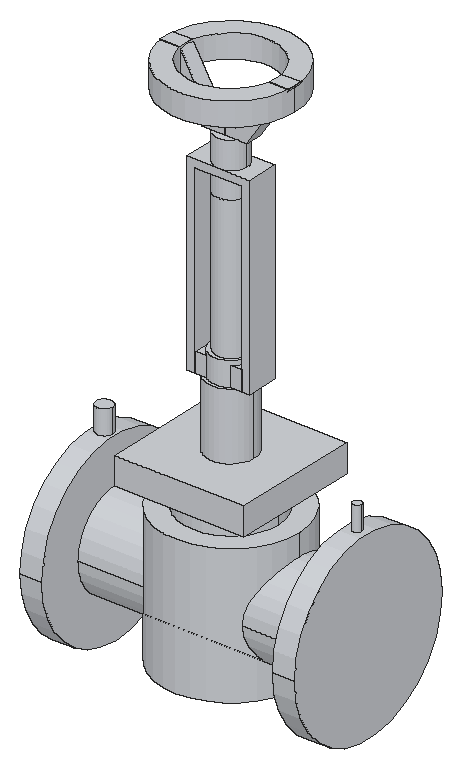
Revit family "Sigma_Compact_DN100-HF_PN16_RFA_2019", category Pipe Accessories, Revit 2019
Family settings
  Round Connector Dimension = Use Diameter
  Part Type = Valve - Breaks Into
  Work Plane-Based = No
  Always vertical = Yes
  Cut with Voids When Loaded = No
  Shared = No
Parameters (values of type "Sigma Compact DN 100 HF PN16")
  magiProductId = "cbc2fc0a341c4a2b87b0bcbf79c376"
  magiProductFamilyId = "01495da7eb234de3883c6bc9c8853e"
  magiPartTypeId = 304
  isMeasuringValve [instance] = no
  ang2D [instance] = 0.00°
  W2D = 50 mm
  VersionID = "2.0/2018.12.13.2/FRESE_SIGMA_C_BIG_Q13_001"
  Use Minimum Symbol Size [instance] = no
  URL = "www.hydronix.cz"
  Type Comments = "přírubový; PN16; max dp=800kPa; 0~+120°C; max uzavírací tlak 1MPa"
  R4 = 61.25 mm
  R3 = 61.1 mm
  R1 = 87.5 mm
  QmdConnectorList = "301;D;302;D"
  Productdata [instance] = ""
  Manufacturer = "Hydronix"
  Maintenance Zone Under Depth [instance] = 100 mm
  Maintenance Zone Right Depth [instance] = 100 mm
  Maintenance Zone Over Depth [instance] = 100 mm
  Maintenance Zone Left Depth [instance] = 100 mm
  Maintenance Zone Front Depth [instance] = 100 mm
  Maintenance Zone Back Depth [instance] = 100 mm
  Maintenance Zone Front Visibility [instance] = no
  MC Use Limits From Balancing Method = no
  MC Throttling Minimum Value = 0
  MC Throttling Maximum Value = 0
  MC Product Code = "53-2413 DN100; PN16; (14800-90000 l/h); kvs=104"
  MC Pressure Drop Minimum Value = 0.0 Pa
  MC Pressure Drop Maximum Value = 0.0 Pa
  MC Piping Given Pressure Drop [instance] = 0.0 Pa
  LF__ve = -LF  # -28 mm
  LF2 = 14 mm
  LF = 28 mm
  L432 = 28.788 mm
  L43 = 57.575 mm
  L42 = 82.25 mm
  L4 = 164.5 mm
  L3 = 294 mm
  L2D_Min = 30.48 mm
  L2D = 230 mm
  L2 = 175 mm
  HH12 = 34 mm
  HH1 = 68 mm
  HDF__ve = -HDF  # -331 mm
  HDF = 331 mm
  H6 = 85 mm
  H4 = 35.25 mm
  H3 = 29.375 mm
  H2 = 88.125 mm
  H11 = 176.25 mm
  H1 = 714 mm
  H = 566 mm
  Description = "Automatický vyvažovací ventil"
  DF2 = 117.5 mm
  D = 100 mm
  Clearance Zone Height Depth [instance] = 100 mm
  Clearance Zone Circular Radius [instance] = 175 mm
  Clearance Zone Visibility [instance] = no
  CAT0 = yes
Types (9, lengths in mm): name | magiProductId | Type Comments | R4 | R3 | R1 | MC Product Code | LF__ve | LF2 | LF | L432 | L43 | L42 | L4 | L3 | L2 | HH12 | HH1 | HDF__ve | HDF | H4 | H3 | H2 | H11 | H1 | H | DF2 | D | Clearance Zone Circular Radius
  Sigma Compact DN 050 HF PN16 | "68e8ec0e285d475ea5c3f8787337ca" | "přírubový; PN16; max dp=800kPa; 0~+120°C; max uzavírací tlak 1MPa" | 40.25 | 42.9 | 57.5 | "53-2410 DN50; PN16; (3920-24000 l/h); kvs=34" | -18.4 | 9.2 | 18.4 | 18.917 | 37.835 | 54.05 | 108.1 | 193.2 | 115 | 16.5 | 33 | -202 | 202 | 24.75 | 20.625 | 61.875 | 123.75 | 480 | 367 | 82.5 | 50 | 115
  Sigma Compact DN 065 HF PN16 | "93d22af618bf47d6be13ef3bd41a97" | "přírubový; PN16; max dp=800kPa; 0~+120°C; max uzavírací tlak 1MPa" | 50.75 | 48.1 | 72.5 | "53-2411 DN65; PN16; (5950-35000 l/h); kvs=47" | -23.2 | 11.6 | 23.2 | 23.853 | 47.705 | 68.15 | 136.3 | 243.6 | 145 | 16.5 | 33 | -199 | 199 | 27.75 | 23.125 | 69.375 | 138.75 | 497 | 384 | 92.5 | 65 | 145
  Sigma Compact DN 080 HF PN16 | "30d16928369c437789493110503824" | "přírubový; PN16; max dp=800kPa; 0~+120°C; max uzavírací tlak 1MPa" | 54.25 | 52 | 77.5 | "53-2412 DN80; PN16; (7020-43000 l/h); kvs=61" | -24.8 | 12.4 | 24.8 | 25.497 | 50.995 | 72.85 | 145.7 | 260.4 | 155 | 16.5 | 33 | -213 | 213 | 30 | 25 | 75 | 150 | 526 | 413 | 100 | 80 | 155
  Sigma Compact DN 100 HF PN16 | "cbc2fc0a341c4a2b87b0bcbf79c376" | "přírubový; PN16; max dp=800kPa; 0~+120°C; max uzavírací tlak 1MPa" | 61.25 | 61.1 | 87.5 | "53-2413 DN100; PN16; (14800-90000 l/h); kvs=104" | -28 | 14 | 28 | 28.788 | 57.575 | 82.25 | 164.5 | 294 | 175 | 34 | 68 | -331 | 331 | 35.25 | 29.375 | 88.125 | 176.25 | 714 | 566 | 117.5 | 100 | 175
  Sigma Compact DN 125 HF PN16 | "02452206f7594718b3d97e4e693144" | "přírubový; PN16; max dp=800kPa; 0~+120°C; max uzavírací tlak 1MPa" | 70 | 70.2 | 100 | "53-2414 DN125; PN16; (23000-135000 l/h); kvs=185" | -32 | 16 | 32 | 32.9 | 65.8 | 94 | 188 | 336 | 200 | 36.5 | 73 | -338 | 338 | 40.5 | 33.75 | 101.25 | 202.5 | 761 | 608 | 135 | 125 | 200
  Sigma Compact DN 150 HF PN16 | "2e5d0064e2dd45fa818d7fb779c9a5" | "přírubový; PN16; max dp=800kPa; 0~+110°C; max uzavírací tlak 1MPa" | 84 | 74.1 | 120 | "53-2415 DN150; PN16; (32000-195000 l/h); kvs=242" | -38.4 | 19.2 | 38.4 | 39.48 | 78.96 | 112.8 | 225.6 | 403.2 | 240 | 13 | 26 | -391 | 391 | 42.75 | 35.625 | 106.875 | 213.75 | 782 | 676 | 142.5 | 150 | 240
  Sigma Compact DN 200 HF PN16 | "9690c155034b41f3a54554dedb5edf" | "přírubový; PN16; max dp=800kPa; 0~+110°C; max uzavírací tlak 1MPa" | 105 | 98.8 | 150 | "53-2416 DN200; PN16; (130000-280000 l/h); kvs=317" | -48 | 24 | 48 | 49.35 | 98.7 | 141 | 282 | 504 | 300 | 29.5 | 59 | -334 | 334 | 57 | 47.5 | 142.5 | 285 | 853 | 714 | 190 | 200 | 300
  Sigma Compact DN 250 HF PN16 | "baee3668eb0d4f168225ec1ed946f7" | "přírubový; PN16; max dp=800kPa; 0~+110°C; max uzavírací tlak 1MPa" | 127.75 | 115.44 | 182.5 | "53-2417 DN250; PN16; (245000-600000 l/h); kvs=717" | -58.4 | 29.2 | 58.4 | 60.042 | 120.085 | 171.55 | 343.1 | 613.2 | 365 | 29 | 58 | -462 | 462 | 66.6 | 55.5 | 166.5 | 333 | 1044 | 906 | 222 | 250 | 365
  Sigma Compact DN 300 HF PN16 | "f903017b03a74a7ebca8b59c0516bf" | "přírubový; PN16; max dp=800kPa; 0~+110°C; max uzavírací tlak 1MPa" | 148.75 | 135.2 | 212.5 | "53-2418 DN300; PN16; (245000-600000 l/h); kvs=717" | -68 | 34 | 68 | 69.912 | 139.825 | 199.75 | 399.5 | 714 | 425 | 29 | 58 | -424 | 424 | 78 | 65 | 195 | 390 | 1082 | 944 | 260 | 300 | 425
Reference planes
  plane 1 "Center (Front/Back)": y = 0
  plane 2 "XYPLANE": z = 0
  plane 3 "Center (Left/Right)": x = 0
  plane 4 "298": y = -217.5
  plane 5 "297": y = 217.5
  plane 6 "296": y = -117.5
  plane 7 "295": y = 117.5
  plane 8 "294": z = -217.5
  plane 9 "293": z = 696.5
  plane 10 "292": x = -275
  plane 11 "291": x = 275
  plane 12 "290": z = 696.5
  plane 13 "256": y = -20
  plane 14 "254": z = 472.5
  plane 15 "253": z = 482.5
  plane 16 "252": x = -40
  plane 17 "251": x = -30
  plane 18 "250": x = 40
  plane 19 "249": x = 30
  plane 20 "247": z = 237.75
  plane 21 "244": z = 448.5
  plane 22 "243": x = 82.25
  plane 23 "242": x = 57.575
  plane 24 "241": x = 28.788
  plane 25 "240": y = -10
  plane 26 "238": x = -28.788
  plane 27 "237": x = -57.575
  plane 28 "236": z = 516.5
  plane 29 "235": z = 546.5
  plane 30 "234": x = -82.25
  plane 31 "225": z = 596.5
  plane 32 "224": z = -117.5
  plane 33 "157": x = 161
  plane 34 "156": x = -161
  plane 35 "155": z = 117.5
  plane 36 "154": z = 152.75
  plane 37 "153": z = 117.5
  plane 38 "152": z = 88.125
  plane 39 "151": x = -147
  plane 40 "150": z = -88.125
  plane 41 "149": x = 0
  plane 42 "148": y = 0
  plane 43 "147": z = 0
  plane 44 "146": x = -175
  plane 45 "145": x = 175
Forms (mm)
  Blend 1, solid, visible <- "Maintenance Zone Front Visibility"
    base sketch origin (-750, 0, 696.5) x (1, 0, 0) y (0, 1, 0)
      loop
        line (475, 217.5) -> (475, -217.5) -> (1025, -217.5) -> (1025, 217.5) -> (475, 217.5)
    top sketch origin (-750, 0, 696.5) x (1, 0, 0) y (0, 1, 0)
      loop
        line (475, 217.5) -> (475, -217.5) -> (1025, -217.5) -> (1025, 217.5) -> (475, 217.5)
    from 0 to -914
  Blend 2, solid, visible <- "Clearance Zone Visibility"
    base sketch origin (-750, 0, 0) x (1, 0, 0) y (0, 1, 0)
      loop
        circle (750, 0) r 175
    top sketch origin (-750, 0, 0) x (1, 0, 0) y (0, 1, 0)
      loop
        circle (750, 0) r 175
    from 0 to 696.5
  Extrusion 3, solid
    sketch origin (-750, 0, 448.5) x (1, 0, 0) y (0, 1, 0)
      loop
        circle (750, 0) r 19.87
    from 0 to -331 <- "HDF__ve"
  Extrusion 4, solid
    sketch origin (-750, 0, 237.75) x (1, 0, 0) y (0, 1, 0)
      loop
        line (780, 20) -> (720, 20) -> (720, -20) -> (780, -20) -> (780, 20)
    from 0 to 25
  Extrusion 5, solid
    sketch origin (750, -20, 0) x (-1, 0, 0) y (0, 0, 1)
      loop
        line (790, 237.75) -> (790, 482.5) -> (710, 482.5) -> (710, 237.75) -> (720, 237.75) -> (720, 472.5) -> (780, 472.5) -> (780, 237.75) -> (790, 237.75)
    from 0 to 40
  Extrusion 6, solid
    sketch origin (-750, 0, 237.75) x (1, 0, 0) y (0, 1, 0)
      loop
        circle (750, 0) r 25
    from 0 to 30
  Extrusion 7, solid
    sketch origin (750, -10, 0) x (-1, 0, 0) y (0, 0, 1)
      loop
        line (807.575, 596.5) -> (778.788, 546.5) -> (750, 546.5) -> (750, 516.5) -> (778.788, 516.5) -> (832.25, 596.5) -> (807.575, 596.5)
    from 0 to 20
  Extrusion 8, solid
    sketch origin (750, -10, 0) x (-1, 0, 0) y (0, 0, 1)
      loop
        line (692.425, 596.5) -> (667.75, 596.5) -> (721.212, 516.5) -> (750, 516.5) -> (750, 546.5) -> (721.212, 546.5) -> (692.425, 596.5)
    from 0 to 20
  Extrusion 9, solid
    sketch origin (-750, 0, 448.5) x (1, 0, 0) y (0, 1, 0)
      loop
        circle (750, 0) r 19.87
    from 0 to 68 <- "HH1"
  Extrusion 10, solid
    sketch origin (-750, 0, 596.5) x (1, 0, 0) y (0, 1, 0)
      loop
        circle (750, 0) r 82.25
      loop
        circle (750, 0) r 57.575
    from 0 to -30
  Extrusion 11, solid, visible <- "CAT0"
    sketch origin (-750, 0, 117.5) x (1, 0, 0) y (0, 1, 0)
      loop
        circle (911, 0) r 5.5
    from 0 to 30
  Extrusion 12, solid, visible <- "CAT0"
    sketch origin (-750, 0, 117.5) x (1, 0, 0) y (0, 1, 0)
      loop
        circle (589, 0) r 10.3
    from 0 to 30
  Extrusion 13, solid, visible <- "CAT0"
    sketch origin (-750, 0, 152.75) x (1, 0, 0) y (0, 1, 0)
      loop
        circle (750, 0) r 29.87
    from 0 to 85 <- "H6"
  Extrusion 14, solid, visible <- "CAT0"
    sketch origin (-750, 0, 117.5) x (1, 0, 0) y (0, 1, 0)
      loop
        line (832.25, 82.25) -> (667.75, 82.25) -> (667.75, -82.25) -> (832.25, -82.25) -> (832.25, 82.25)
    from 0 to 35.25 <- "H4"
  Extrusion 15, solid, visible <- "CAT0"
    sketch origin (-750, 0, 88.125) x (1, 0, 0) y (0, 1, 0)
      loop
        circle (750, 0) r 61.25
    from 0 to 29.375 <- "H3"
  Extrusion 16, solid, visible <- "CAT0"
    sketch origin (-147, -750, 0) x (0, 1, 0) y (0, 0, 1)
      loop
        circle (750, 0) r 61.1
    from 0 to 294 <- "L3"
  Extrusion 17, solid, visible <- "CAT0"
    sketch origin (-750, 0, -88.125) x (1, 0, 0) y (0, 1, 0)
      loop
        circle (750, 0) r 87.5
    from 0 to 176.25 <- "H11"
  Extrusion 18, solid, visible <- "CAT0"
    sketch origin (-175, -750, 0) x (0, 1, 0) y (0, 0, 1)
      loop
        circle (750, 0) r 117.5
    from 0 to 28 <- "LF"
  Extrusion 19, solid, visible <- "CAT0"
    sketch origin (175, -750, 0) x (0, 1, 0) y (0, 0, 1)
      loop
        circle (750, 0) r 117.5
    from 0 to -28 <- "LF__ve"
  Extrusion 20, solid, not visible
    sketch origin (-175, -750, 0) x (0, 1, 0) y (0, 0, 1)
      loop
        circle (750, 0) r 10
    from 0 to 10
  Extrusion 21, solid, not visible
    sketch origin (175, -750, 0) x (0, 1, 0) y (0, 0, 1)
      loop
        circle (750, 0) r 10
    from 0 to -10
Lines and regions (mm)
  reference lines, not visible
    curve 1: circle (2, 2, 0) r 1 normal (0, 0, 1)
  reference lines
    curve 2: circle (0, 0, 117.5) r 1 normal (0, 0, 1)
Dimensions and locks
  plane 1 "Center (Front/Back)" to curve 1 = 2 mm
  "Maintenance Zone Front Depth": plane 6 "296" to plane 4 "298"
  "Maintenance Zone Back Depth": plane 7 "295" to plane 5 "297"
  "DF2": plane 42 "148" to plane 6 "296"
  "DF2": plane 42 "148" to plane 7 "295"
  "Maintenance Zone Under Depth": plane 32 "224" to plane 8 "294"
  "Maintenance Zone Over Depth": plane 31 "225" to plane 9 "293"
  "Maintenance Zone Left Depth": plane 44 "146" to plane 10 "292"
  "Maintenance Zone Right Depth": plane 45 "145" to plane 11 "291"
  "Clearance Zone Height Depth": plane 31 "225" to plane 12 "290"
  locked: plane 25 "240" to plane 13 "256" at 10
  locked: plane 15 "253" to plane 14 "254" at 10
  "HH12": plane 21 "244" to plane 15 "253"
  locked: plane 17 "251" to plane 16 "252" at 10
  locked: plane 41 "149" to plane 17 "251" at 30
  locked: plane 19 "249" to plane 18 "250" at 10
  locked: plane 41 "149" to plane 19 "249" at 30
  "H6": plane 36 "154" to plane 20 "247"
  "H": plane 32 "224" to plane 21 "244"
  "L42": plane 41 "149" to plane 22 "243"
  "L43": plane 41 "149" to plane 23 "242"
  "L432": plane 41 "149" to plane 24 "241"
  locked: plane 42 "148" to plane 25 "240" at 10
  "L432": plane 41 "149" to plane 26 "238"
  "L43": plane 41 "149" to plane 27 "237"
  locked: plane 29 "235" to plane 28 "236" at 30
  locked: plane 31 "225" to plane 29 "235" at 50
  "L42": plane 41 "149" to plane 30 "234"
  "H1": plane 32 "224" to plane 31 "225"
  "DF2": plane 2 "XYPLANE" to plane 32 "224"
  "LF2": plane 45 "145" to plane 33 "157"
  "LF2": plane 44 "146" to plane 34 "156"
  "DF2": plane 2 "XYPLANE" to plane 35 "155"
  "H4": plane 37 "153" to plane 36 "154"
  "H3": plane 38 "152" to plane 37 "153"
  "H11": plane 40 "150" to plane 38 "152"
  "LF": plane 44 "146" to plane 39 "151"
  "H2": plane 2 "XYPLANE" to plane 40 "150"
  locked: plane 3 "Center (Left/Right)" to plane 41 "149"
  locked: plane 1 "Center (Front/Back)" to plane 42 "148"
  locked: plane 2 "XYPLANE" to plane 43 "147"
  "L2": plane 3 "Center (Left/Right)" to plane 44 "146"
  "L2": plane 3 "Center (Left/Right)" to plane 45 "145"
  Blend 1 sketch curve to Blend 1 sketch curve = 0 mm  (x16)
  Extrusion 4 sketch curve to Extrusion 4 sketch curve = 0 mm  (x8)
  Extrusion 5 sketch curve to Extrusion 5 sketch curve = 0 mm  (x16)
  Extrusion 7 sketch curve to Extrusion 7 sketch curve = 0 mm  (x12)
  Extrusion 8 sketch curve to Extrusion 8 sketch curve = 0 mm  (x12)
  equal spacing: Extrusion 14 sketch curve, curve 2, Extrusion 14 sketch curve  (x2)
  "L4": Extrusion 14 sketch curve to Extrusion 14 sketch curve  (x2)
  Extrusion 14 sketch curve to Extrusion 14 sketch curve = 0 mm  (x8)
  "Clearance Zone Circular Radius": radius of Blend 2 sketch curve  (x2)
  "L42": radius of Extrusion 10 sketch curve
  "L43": radius of Extrusion 10 sketch curve
  "R4": radius of Extrusion 15 sketch curve
  "R3": radius of Extrusion 16 sketch curve
  "R1": radius of Extrusion 17 sketch curve
  "DF2": radius of Extrusion 18 sketch curve
  "DF2": radius of Extrusion 19 sketch curve
  aligned and locked: level to plane 2 "XYPLANE"
  aligned and locked: Blend 1 sketch curve to plane 5 "297"  (x2)
  aligned and locked: plane 10 "292" to Blend 1 sketch curve  (x4)
  aligned and locked: plane 11 "291" to Blend 1 sketch curve  (x4)
  aligned and locked: plane 5 "297" to Blend 1 sketch curve  (x2)
  aligned and locked: plane 4 "298" to Blend 1 sketch curve  (x4)
  aligned and locked: Blend 1 to plane 8 "294"
  aligned and locked: plane 41 "149" to Blend 2 sketch curve  (x2)
  aligned and locked: plane 42 "148" to Blend 2 sketch curve  (x2)
  aligned and locked: plane 12 "290" to Blend 2
  aligned and locked: plane 41 "149" to Extrusion 3 sketch curve
  aligned and locked: plane 42 "148" to Extrusion 3 sketch curve
  aligned and locked: Extrusion 5 sketch curve to plane 16 "252"
  aligned and locked: plane 20 "247" to Extrusion 5 sketch curve  (x4)
  aligned and locked: plane 15 "253" to Extrusion 5 sketch curve  (x2)
  aligned and locked: plane 16 "252" to Extrusion 5 sketch curve
  aligned and locked: plane 18 "250" to Extrusion 5 sketch curve  (x2)
  aligned and locked: plane 19 "249" to Extrusion 5 sketch curve  (x2)
  aligned and locked: plane 14 "254" to Extrusion 5 sketch curve  (x2)
  aligned and locked: plane 17 "251" to Extrusion 5 sketch curve  (x2)
  aligned and locked: plane 41 "149" to Extrusion 6 sketch curve
  aligned and locked: plane 42 "148" to Extrusion 6 sketch curve
  aligned and locked: plane 27 "237" to Extrusion 7 sketch curve
  aligned and locked: plane 31 "225" to Extrusion 7 sketch curve  (x2)
  aligned and locked: plane 26 "238" to Extrusion 7 sketch curve  (x2)
  aligned and locked: plane 29 "235" to Extrusion 7 sketch curve  (x2)
  aligned and locked: plane 41 "149" to Extrusion 7 sketch curve  (x2)
  aligned and locked: plane 28 "236" to Extrusion 7 sketch curve  (x2)
  aligned and locked: plane 30 "234" to Extrusion 7 sketch curve
  aligned and locked: plane 23 "242" to Extrusion 8 sketch curve
  aligned and locked: plane 31 "225" to Extrusion 8 sketch curve  (x2)
  aligned and locked: plane 24 "241" to Extrusion 8 sketch curve  (x2)
  aligned and locked: plane 29 "235" to Extrusion 8 sketch curve  (x2)
  aligned and locked: plane 41 "149" to Extrusion 8 sketch curve  (x2)
  aligned and locked: plane 28 "236" to Extrusion 8 sketch curve  (x2)
  aligned and locked: plane 22 "243" to Extrusion 8 sketch curve
  aligned and locked: plane 41 "149" to Extrusion 9 sketch curve
  aligned and locked: plane 42 "148" to Extrusion 9 sketch curve
  aligned and locked: plane 41 "149" to Extrusion 10 sketch curve  (x2)
  aligned and locked: plane 42 "148" to Extrusion 10 sketch curve  (x2)
  aligned and locked: plane 33 "157" to Extrusion 11 sketch curve
  aligned and locked: plane 42 "148" to Extrusion 11 sketch curve
  aligned and locked: plane 34 "156" to Extrusion 12 sketch curve
  aligned and locked: plane 42 "148" to Extrusion 12 sketch curve
  aligned and locked: plane 41 "149" to Extrusion 13 sketch curve
  aligned and locked: plane 42 "148" to Extrusion 13 sketch curve
  aligned and locked: plane 41 "149" to curve 2
  aligned and locked: plane 42 "148" to curve 2
  aligned and locked: plane 41 "149" to Extrusion 15 sketch curve
  aligned and locked: plane 42 "148" to Extrusion 15 sketch curve
  aligned and locked: Extrusion 16 sketch curve to plane 42 "148"
  aligned and locked: plane 43 "147" to Extrusion 16 sketch curve
  aligned and locked: plane 41 "149" to Extrusion 17 sketch curve
  aligned and locked: plane 42 "148" to Extrusion 17 sketch curve
  aligned and locked: Extrusion 18 sketch curve to plane 42 "148"
  aligned and locked: plane 43 "147" to Extrusion 18 sketch curve
  aligned and locked: Extrusion 19 sketch curve to plane 42 "148"
  aligned and locked: plane 43 "147" to Extrusion 19 sketch curve
  aligned and locked: Extrusion 20 sketch curve to plane 42 "148"
  aligned and locked: plane 43 "147" to Extrusion 20 sketch curve
  aligned and locked: Extrusion 21 sketch curve to plane 42 "148"
  aligned and locked: plane 43 "147" to Extrusion 21 sketch curve
Automatic sketch dimensions
  plane 26 "238" to Extrusion 3 sketch curve = 8.917 mm
  Extrusion 4 sketch curve to plane 17 "251" = 0 mm
  Extrusion 4 sketch curve to plane 13 "256" = 0 mm
  Extrusion 4 sketch curve to plane 19 "249" = 0 mm
  Extrusion 4 sketch curve to plane 1 "Center (Front/Back)" = 20 mm
  plane 17 "251" to Extrusion 6 sketch curve = 5 mm
  plane 26 "238" to Extrusion 9 sketch curve = 8.917 mm
  Extrusion 11 sketch curve to plane 33 "157" = 5.5 mm
  plane 44 "146" to Extrusion 12 sketch curve = 3.7 mm
  Extrusion 13 sketch curve to plane 26 "238" = 1.083 mm
  Extrusion 20 sketch curve to plane 25 "240" = 0 mm
  Extrusion 21 sketch curve to plane 25 "240" = 0 mm
  plane 3 "Center (Left/Right)" to curve 1 = 2 mm
  Extrusion 14 sketch curve to plane 30 "234" = 0 mm
  plane 6 "296" to Extrusion 14 sketch curve = 35.25 mm
  radius of curve 2 = 1 mm
  radius of curve 1 = 1 mm
Connectors
  piping at (-175, 0, 0), diameter 100, driven by "D"
    settings: on Extrusion 20, index 1, connector inside diameter 609.6 mm, connector length 0 mm, flow factor 0, pipe flow 0.0 L/s, pressure drop 0.0 Pa, fitting loss kfactor 0, connector angle 0.00°, fixture units 0, engagement length 0 mm, angle of deflection 0.00°, flow configuration 0, flow direction 0, fitting loss method 0, system type 29, joint type 0, gender type 0, connector reference index 2, connector utility 0, adjustable connector no, is connector primary yes, connector description ""
  piping at (175, 0, 0), diameter 100, driven by "D"
    settings: on Extrusion 21, index 2, connector inside diameter 609.6 mm, connector length 0 mm, flow factor 0, pipe flow 0.0 L/s, pressure drop 0.0 Pa, fitting loss kfactor 0, connector angle 0.00°, fixture units 0, engagement length 0 mm, angle of deflection 0.00°, flow configuration 0, flow direction 0, fitting loss method 0, system type 29, joint type 0, gender type 0, connector reference index 1, connector utility 0, adjustable connector no, is connector primary no, connector description ""
